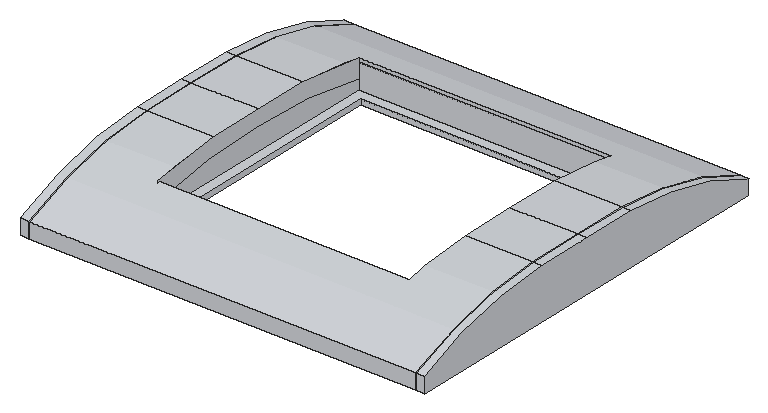
Revit family "Gira_0211399", category Electrical Fixtures, host Face, Revit 2017
Family settings
  Host = Face
  Maintain Annotation Orientation = No
  Round Connector Dimension = Use Diameter
  Part Type = Normal
  Cut with Voids When Loaded = No
  Shared = No
  Room Calculation Point = No
Parameters (values of type "Cov.fr. 1-g interm.fr. PW Gira Event Opaque blue")
  With mounting grid = "No"
  With hinged lid = "No"
  URL = "http://katalog.gira.de/en/datenblatt.html?artikelnr=0211399"
  Type of fastening = "Clamp mounting"
  Transparent = "No"
  Surface protection = "Other"
  Suitable for wall duct = "No"
  Suitable for flush-mounted installation = "Yes"
  Suitable for floor box = "No"
  Suitable for built-in installation = "No"
  Number of units vertical = "1"
  Number of units horizontal = "1"
  Number of units = "1"
  Name = "Cov.fr. 1-g interm.fr. PW Gira Event Opaque blue"
  Mounting direction = "Horizontal and vertical"
  Material quality = "Thermoplastic"
  Material = "Plastic"
  Manufacturer URL = "https://www.gira.de/"
  Manufacturer = "Gira"
  Label space/information surface = "No"
  Keynote = ""
  HeinzeBIM = "https://bimportal.heinze.de/bim/cov-fr-1-g-interm-fr-pw-gira-event-opaque-blue/aa1b844a295f8b60ef740f0bdf5b290f7c046c47"
  Halogen free = "Yes"
  HAN = "0211399"
  GTIN = "4010337074625"
  Description = "Cov.fr.1g i.fr.PW EvOp BU,Gira Event Opaque frames,blue with pure white glossy intermediate frame,1-gang,Features:,- Shatter-proof."
  Degree of protection (IP) = "IP20"
  Default Elevation = 1219.2 mm
  Data sheet (1) = "https://katalog.gira.de/en/download.html?artikelnr=0211399"
  Colour = "Blue"
  Category = "Cover frame for domestic switching devices"
  BIM (1) = "https://media.stage.bim.site/public/gira/36a6b08/Event_Rahmen_1fach.rfa"
  Available = "No"
Reference planes
  plane 1 "Center (Front/Back)": y = 0
  plane 2: z = 0
  plane 3 "Center (Left/Right)": x = 0
Forms (mm)
  Extrusion 1, solid, detail levels fine
    sketch origin (0, 0, 1.55) x (0, 1, 0) y (0, 0, 1)
      loop
        arc (12.445, 9.683) -> (6.223, 9.833) -> (0, 9.85) r 291.636
        arc (0, 9.85) -> (-6.223, 9.833) -> (-12.445, 9.683) r 291.636
        arc (-12.445, 9.683) -> (-29.14, 7.482) -> (-45, 1.823) r 79.728
        line (-45, 1.823) -> (-45, -1.55) -> (-41.777, -1.55) -> (-41.777, -0.55)
        arc (-41.777, -0.55) -> (-21.205, 4.846) -> (0, 6.467) r 118.15
        arc (0, 6.467) -> (21.205, 4.846) -> (41.777, -0.55) r 118.15
        line (41.777, -0.55) -> (41.777, -1.55) -> (45, -1.55) -> (45, 1.823)
        arc (45, 1.823) -> (29.14, 7.482) -> (12.445, 9.683) r 79.728
    from -43 to 43
  Extrusion 2, void, detail levels fine
    sketch origin (0, 0, 0) x (1, 0, 0) y (0, 1, 0)
      loop
        line (-28, -28) -> (28, -28) -> (28, 28) -> (-28, 28) -> (-28, -28)
    from 2.85 to 12
  Extrusion 3, solid, detail levels coarse
    sketch origin (0, 0, 0) x (1, 0, 0) y (0, 1, 0)
      loop
        line (-45, 45) -> (-45, -45) -> (45, -45) -> (45, 45) -> (-45, 45)
    from 0 to 11.4
  Extrusion 4, solid, detail levels medium
    sketch origin (0, 0, 1.55) x (0, 1, 0) y (0, 0, 1)
      loop
        arc (12.445, 9.683) -> (6.223, 9.833) -> (0, 9.85) r 291.636
        arc (0, 9.85) -> (-6.223, 9.833) -> (-12.445, 9.683) r 291.636
        arc (-12.445, 9.683) -> (-29.14, 7.482) -> (-45, 1.823) r 79.728
        line (-45, 1.823) -> (-45, -1.55) -> (45, -1.55) -> (45, 1.823)
        arc (45, 1.823) -> (29.14, 7.482) -> (12.445, 9.683) r 79.728
    from -45 to 45
  Extrusion 5, solid, detail levels fine
    sketch origin (0, 0, 0) x (0, 1, 0) y (0, 0, 1)
      loop
        arc (45, 3.373) -> (29.14, 9.032) -> (12.445, 11.233) r 79.728
        arc (12.445, 11.233) -> (6.223, 11.383) -> (0, 11.4) r 291.636
        arc (0, 11.4) -> (-6.223, 11.383) -> (-12.445, 11.233) r 291.636
        arc (-12.445, 11.233) -> (-29.14, 9.032) -> (-45, 3.373) r 79.728
        line (-45, 3.373) -> (-45, 0) -> (45, 0) -> (45, 3.373)
    from 43 to 45
  Extrusion 6, solid, detail levels fine
    sketch origin (0, 0, 0) x (0, 1, 0) y (0, 0, -1)
      loop
        line (45, -3.373) -> (45, 0) -> (-45, 0) -> (-45, -3.373)
        arc (-45, -3.373) -> (-29.14, -9.032) -> (-12.445, -11.233) r 79.728
        arc (-12.445, -11.233) -> (-6.223, -11.383) -> (0, -11.4) r 291.636
        arc (0, -11.4) -> (6.223, -11.383) -> (12.445, -11.233) r 291.636
        arc (12.445, -11.233) -> (29.14, -9.032) -> (45, -3.373) r 79.728
    from 43 to 45
  Extrusion 7, solid, detail levels fine
    sketch origin (0, 0, 0) x (1, 0, 0) y (0, 1, 0)
      loop
        line (-25.7, 25.7) -> (-25.7, -25.7) -> (25.7, -25.7) -> (25.7, 25.7) -> (-25.7, 25.7)
      loop
        line (-29.495, 27.895) -> (-29.495, -27.895)
        spline (-29.495, -27.895) -> (-29.486, -28.025) -> (-29.461, -28.154) -> (-29.419, -28.278) -> (-29.361, -28.395) -> (-29.288, -28.504) -> (-29.202, -28.602) -> (-29.104, -28.688) -> (-28.995, -28.761) -> (-28.878, -28.819) -> (-28.754, -28.861) -> (-28.625, -28.886) -> (-28.495, -28.895)
        line (-28.495, -28.895) -> (28.495, -28.895)
        spline (28.495, -28.895) -> (28.625, -28.886) -> (28.754, -28.861) -> (28.878, -28.819) -> (28.995, -28.761) -> (29.104, -28.688) -> (29.202, -28.602) -> (29.288, -28.504) -> (29.361, -28.395) -> (29.419, -28.278) -> (29.461, -28.154) -> (29.486, -28.025) -> (29.495, -27.895)
        line (29.495, -27.895) -> (29.495, 27.895)
        spline (29.495, 27.895) -> (29.486, 28.025) -> (29.461, 28.154) -> (29.419, 28.278) -> (29.361, 28.395) -> (29.288, 28.504) -> (29.202, 28.602) -> (29.104, 28.688) -> (28.995, 28.761) -> (28.878, 28.819) -> (28.754, 28.861) -> (28.625, 28.886) -> (28.495, 28.895)
        line (28.495, 28.895) -> (-28.495, 28.895)
        spline (-28.495, 28.895) -> (-28.625, 28.886) -> (-28.754, 28.861) -> (-28.878, 28.819) -> (-28.995, 28.761) -> (-29.104, 28.688) -> (-29.202, 28.602) -> (-29.288, 28.504) -> (-29.361, 28.395) -> (-29.419, 28.278) -> (-29.461, 28.154) -> (-29.486, 28.025) -> (-29.495, 27.895)
    from 1.673 to 8.5
Cuts and joins
  Extrusion 2 cuts Extrusion 1
  Extrusion 2 cuts Extrusion 7
Dimensions and locks
  aligned and locked: plane 2 to host face
  aligned and locked: level to host face
